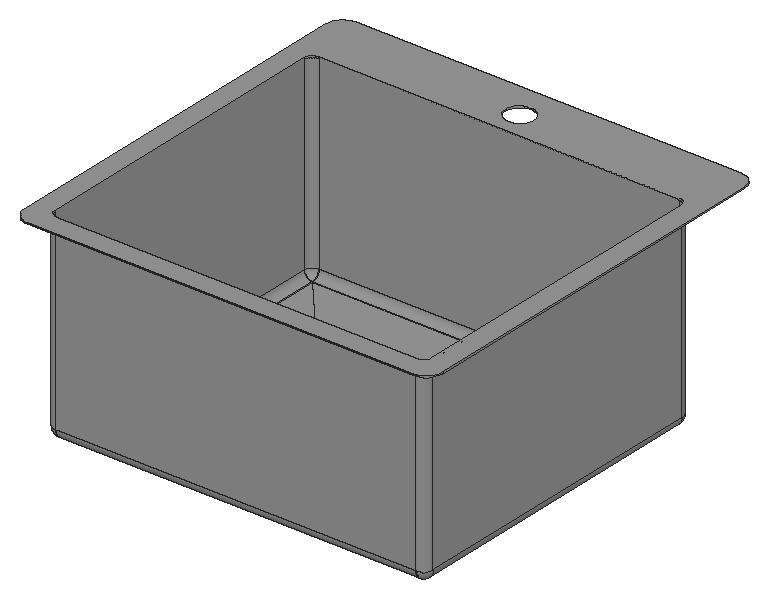
Revit family "BUILDMAT-TLAN003-Leo-510-Tap-Landing-Stainless-Steel", category Plumbing Fixtures, host Face, Revit 2020
Family settings
  Host = Face
  Round Connector Dimension = Use Diameter
  Part Type = Normal
  Cut with Voids When Loaded = No
  Shared = No
  Room Calculation Point = No
Parameters (values of type "Leo 510x500x250mm")
  Width = 460.0 mm
  Undermount [instance] = 0.0 mm
  URL = "https://www.buildmat.com.au/products/leo-510-single-bowl-tap-landing-sink"
  Model = "TLAN003"  # constant formula
  Manufacturer URL = "https://www.buildmat.com.au/"
  Manufacturer = "BUILDMAT"  # constant formula
  Length = 400.0 mm
  Description = "BUILDMAT - Leo 510x500 Single Bowl with Tap Landing Sink"  # constant formula
  Depth = 250.0 mm
  Default Elevation = 1219.2 mm
  Created By URL = "https://www.buildmat.com.au/"
  Created By = "BUILDMAT"  # constant formula
  Created = "22.06.2022"  # constant formula
  Material = BUILDMAT Stainless Steel
Reference planes
  plane 1 "Center (Front/Back)": y = 0
  plane 2: z = 0
  plane 3 "Center (Left/Right)": x = 0
  plane 4 "Top Substrate": z = 0
  plane 5 "Left": x = -230
  plane 6 "Right": x = 230
  plane 7 "Back": y = 200
  plane 8 "Front": y = -200
  plane 9: x = -255
  plane 10: x = 255
  plane 11: y = -225
  plane 12: y = 275
  plane 13 "Bottom Void": z = -250
  plane 14: z = 1.5
  plane 15: x = -231.5
  plane 16: y = -201.5
  plane 17: x = 231.5
  plane 18: y = 201.5
  plane 19: z = -240
  plane 20: z = -230
  plane 21: x = -220
  plane 22: x = 220
  plane 23: y = -190
  plane 24: y = 190
  plane 25: z = -245
  plane 26: z = -241.5
  plane 27: z = -246.5
  plane 28: x = -100
  plane 29: x = 100
  plane 30 "Sound Pad": z = -130
  plane 31 "Front Bracket": y = -100
  plane 32 "Back Bracket": y = 100
  plane 33: x = -130
  plane 34: x = 130
  plane 35: x = -57
  plane 36: x = 57
  plane 37: x = -45
  plane 38: x = 45
  plane 39: y = 232
  plane 40: y = 251.5
  plane 41: x = -243.2
  plane 42: z = -15
  plane 43: x = 243.2
  plane 44: x = -241.7
  plane 45: x = 241.7
Forms (mm)
  Extrusion 1, void
    sketch origin (0, 0, 0) x (1, 0, 0) y (0, 1, 0)
      loop
        arc (-220, 200) -> (-227.071, 197.071) -> (-230, 190) r 10
        line (-230, 190) -> (-230, -190)
        arc (-230, -190) -> (-227.071, -197.071) -> (-220, -200) r 10
        line (-220, -200) -> (220, -200)
        arc (220, -200) -> (227.071, -197.071) -> (230, -190) r 10
        line (230, -190) -> (230, 190)
        arc (230, 190) -> (227.071, 197.071) -> (220, 200) r 10
        line (220, 200) -> (-220, 200)
    from 0 to 1.5
  Extrusion 2, void
    sketch origin (0, 0, 0) x (1, 0, 0) y (0, 1, 0)
      loop
        line (-231.5, 201.5) -> (-231.5, -201.5) -> (231.5, -201.5) -> (231.5, 201.5) -> (-231.5, 201.5)
    from 0 to -250
  Extrusion 3, void
    sketch origin (0, 0, 0) x (1, 0, 0) y (0, 1, 0)
      loop
        arc (-235, 275) -> (-249.142, 269.142) -> (-255, 255) r 20
        line (-255, 255) -> (-255, -205)
        arc (-255, -205) -> (-249.142, -219.142) -> (-235, -225) r 20
        line (-235, -225) -> (235, -225)
        arc (235, -225) -> (249.142, -219.142) -> (255, -205) r 20
        line (255, -205) -> (255, 255)
        arc (255, 255) -> (249.142, 269.142) -> (235, 275) r 20
        line (235, 275) -> (-235, 275)
    from 1.5 to 0
  Extrusion 4, solid, material "BUILDMAT Stainless Steel" <- "Material"
    sketch origin (0, 0, 0) x (-1, 0, 0) y (0, -1, 0)
      loop
        arc (235, -275) -> (249.142, -269.142) -> (255, -255) r 20
        line (255, -255) -> (255, 205)
        arc (255, 205) -> (249.142, 219.142) -> (235, 225) r 20
        line (235, 225) -> (-235, 225)
        arc (-235, 225) -> (-249.142, 219.142) -> (-255, 205) r 20
        line (-255, 205) -> (-255, -255)
        arc (-255, -255) -> (-249.142, -269.142) -> (-235, -275) r 20
        line (-235, -275) -> (235, -275)
      loop
        arc (220, -200) -> (227.071, -197.071) -> (230, -190) r 10
        line (230, -190) -> (230, 190)
        arc (230, 190) -> (227.071, 197.071) -> (220, 200) r 10
        line (220, 200) -> (-220, 200)
        arc (-220, 200) -> (-227.071, 197.071) -> (-230, 190) r 10
        line (-230, 190) -> (-230, -190)
        arc (-230, -190) -> (-227.071, -197.071) -> (-220, -200) r 10
        line (-220, -200) -> (220, -200)
    from 0 to 1.5
  Extrusion 5, solid, material "BUILDMAT Stainless Steel" <- "Material"
    sketch origin (0, 0, 0) x (-1, 0, 0) y (0, -1, 0)
      loop
        arc (220, -201.5) -> (228.132, -198.132) -> (231.5, -190) r 11.5
        line (231.5, -190) -> (231.5, 190)
        arc (231.5, 190) -> (228.132, 198.132) -> (220, 201.5) r 11.5
        line (220, 201.5) -> (-220, 201.5)
        arc (-220, 201.5) -> (-228.132, 198.132) -> (-231.5, 190) r 11.5
        line (-231.5, 190) -> (-231.5, -190)
        arc (-231.5, -190) -> (-228.132, -198.132) -> (-220, -201.5) r 11.5
        line (-220, -201.5) -> (220, -201.5)
      loop
        arc (-220, 200) -> (-227.071, 197.071) -> (-230, 190) r 10
        line (-230, 190) -> (-230, -190)
        arc (-230, -190) -> (-227.071, -197.071) -> (-220, -200) r 10
        line (-220, -200) -> (220, -200)
        arc (220, -200) -> (227.071, -197.071) -> (230, -190) r 10
        line (230, -190) -> (230, 190)
        arc (230, 190) -> (227.071, 197.071) -> (220, 200) r 10
        line (220, 200) -> (-220, 200)
    from 0 to -230
  Revolve 6, solid, material "BUILDMAT Stainless Steel" <- "Material"
    sketch origin (-175.162, 190, 1219.2) x (-1, 0, 0) y (0, 0, 1)
      loop
        line (-405.162, -1449.2) -> (-406.662, -1449.2)
        arc (-406.662, -1449.2) -> (-403.293, -1457.332) -> (-395.162, -1460.7) r 11.5
        line (-395.162, -1460.7) -> (-395.162, -1459.2)
        arc (-395.162, -1459.2) -> (-402.233, -1456.271) -> (-405.162, -1449.2) r 10
      axis (-395.162, -1460.7) -> (-395.162, -1449.2)
    angle from 0 to -90
  Revolve 7, solid, material "BUILDMAT Stainless Steel" <- "Material"
    sketch origin (-175.162, 190, 1219.2) x (-1, 0, 0) y (0, 0, 1)
      loop
        arc (54.838, -1449.2) -> (51.909, -1456.271) -> (44.838, -1459.2) r 10
        line (44.838, -1459.2) -> (44.838, -1460.7)
        arc (44.838, -1460.7) -> (52.97, -1457.332) -> (56.338, -1449.2) r 11.5
        line (56.338, -1449.2) -> (54.838, -1449.2)
      axis (44.838, -1449.2) -> (44.838, -1460.7)
    angle from 0 to -90
  Revolve 8, solid, material "BUILDMAT Stainless Steel" <- "Material"
    sketch origin (-175.162, -190, 1219.2) x (-1, 0, 0) y (0, 0, 1)
      loop
        arc (54.838, -1449.2) -> (51.909, -1456.271) -> (44.838, -1459.2) r 10
        line (44.838, -1459.2) -> (44.838, -1460.7)
        arc (44.838, -1460.7) -> (52.97, -1457.332) -> (56.338, -1449.2) r 11.5
        line (56.338, -1449.2) -> (54.838, -1449.2)
      axis (44.838, -1449.2) -> (44.838, -1460.7)
    angle from 0 to 90
  Revolve 9, solid, material "BUILDMAT Stainless Steel" <- "Material"
    sketch origin (-175.162, -190, 1219.2) x (-1, 0, 0) y (0, 0, 1)
      loop
        line (-405.162, -1449.2) -> (-406.662, -1449.2)
        arc (-406.662, -1449.2) -> (-403.293, -1457.332) -> (-395.162, -1460.7) r 11.5
        line (-395.162, -1460.7) -> (-395.162, -1459.2)
        arc (-395.162, -1459.2) -> (-402.233, -1456.271) -> (-405.162, -1449.2) r 10
      axis (-395.162, -1449.2) -> (-395.162, -1460.7)
    angle from 0 to 90
  Extrusion 10, solid, material "BUILDMAT Stainless Steel" <- "Material"
    sketch origin (0, 0, 0) x (1, 0, 0) y (0, 0, 1)
      loop
        line (-230, -230) -> (-231.5, -230)
        arc (-231.5, -230) -> (-228.132, -238.132) -> (-220, -241.5) r 11.5
        line (-220, -241.5) -> (-220, -240)
        arc (-220, -240) -> (-227.071, -237.071) -> (-230, -230) r 10
    from -190 to 190
  Extrusion 11, solid, material "BUILDMAT Stainless Steel" <- "Material"
    sketch origin (0, 0, 0) x (1, 0, 0) y (0, 0, 1)
      loop
        arc (230, -230) -> (227.071, -237.071) -> (220, -240) r 10
        line (220, -240) -> (220, -241.5)
        arc (220, -241.5) -> (228.132, -238.132) -> (231.5, -230) r 11.5
        line (231.5, -230) -> (230, -230)
    from -190 to 190
  Extrusion 12, solid, material "BUILDMAT Stainless Steel" <- "Material"
    sketch origin (0, 0, 0) x (0, 1, 0) y (0, 0, 1)
      loop
        arc (200, -230) -> (197.071, -237.071) -> (190, -240) r 10
        line (190, -240) -> (190, -241.5)
        arc (190, -241.5) -> (198.132, -238.132) -> (201.5, -230) r 11.5
        line (201.5, -230) -> (200, -230)
    from -220 to 220
  Extrusion 13, solid, material "BUILDMAT Stainless Steel" <- "Material"
    sketch origin (0, 0, 0) x (0, 1, 0) y (0, 0, 1)
      loop
        line (-200, -230) -> (-201.5, -230)
        arc (-201.5, -230) -> (-198.132, -238.132) -> (-190, -241.5) r 11.5
        line (-190, -241.5) -> (-190, -240)
        arc (-190, -240) -> (-197.071, -237.071) -> (-200, -230) r 10
    from -220 to 220
  Revolve 14, solid, material "BUILDMAT Stainless Steel" <- "Material"
    sketch origin (0, 0, 0) x (1, 0, 0) y (0, 0, 1)
      loop
        line (-45, -250) -> (-45, -248.5)
        spline (-45, -248.5) -> (-46.484, -248.459) -> (-47.939, -248.339) -> (-49.337, -248.141) -> (-50.649, -247.871) -> (-51.848, -247.537) -> (-52.908, -247.151) -> (-53.805, -246.726) -> (-54.514, -246.283) -> (-55.023, -245.856) -> (-55.329, -245.483) -> (-55.468, -245.202) -> (-55.5, -245)
        line (-55.5, -245) -> (-57, -245)
        spline (-57, -245) -> (-56.897, -245.653) -> (-56.591, -246.294) -> (-56.087, -246.913) -> (-55.392, -247.5) -> (-54.52, -248.044) -> (-53.485, -248.536) -> (-52.305, -248.967) -> (-51, -249.33) -> (-49.592, -249.619) -> (-48.106, -249.83) -> (-46.566, -249.957) -> (-45, -250)
      axis (0, -245) -> (0, -250)
    angle from 0 to 360
  Blend 15, solid, material "BUILDMAT Stainless Steel" <- "Material"
    base sketch origin (0, 0, 0) x (-1, 0, 0) y (0, -1, 0)
      loop
        circle (0, 0) r 57
    top sketch origin (0, 0, 0) x (-1, 0, 0) y (0, -1, 0)
      loop
        line (220, -190) -> (220, 190) -> (-220, 190) -> (-220, -190) -> (220, -190)
    from -246.5 to -241.5
  Blend 16, void
    base sketch origin (0, 0, 0) x (-1, 0, 0) y (0, -1, 0)
      loop
        circle (0, 0) r 57
    top sketch origin (0, 0, 0) x (-1, 0, 0) y (0, -1, 0)
      loop
        line (220, -190) -> (220, 190) -> (-220, 190) -> (-220, -190) -> (220, -190)
    from -245 to -240
  Extrusion 17, solid, material "BUILDMAT Stainless Steel" <- "Material"
    sketch origin (0, 0, 0) x (-1, 0, 0) y (0, -1, 0)
      loop
        line (220, -190) -> (220, 190) -> (-220, 190) -> (-220, -190) -> (220, -190)
    from -241.5 to -240
  Extrusion 18, void
    sketch origin (0, 0, 0) x (-1, 0, 0) y (0, -1, 0)
      loop
        circle (0, 0) r 57
    from -250 to -230
  Extrusion 19, void
    sketch origin (0, 0, 0) x (-1, 0, 0) y (0, -1, 0)
      loop
        circle (0, -232) r 17.5
    from 0 to 100
Cuts and joins
  Extrusion 19 cuts Extrusion 4
  Extrusion 19 cuts Extrusion 5
  joined: Extrusion 4, Extrusion 5
  joined: Revolve 6, Revolve 9
  joined: Revolve 7, Revolve 8
  Blend 16, Extrusion 18 cuts Blend 15
  Blend 16, Extrusion 18 cuts Extrusion 17
  joined: Blend 15, Extrusion 17
Lines and regions (mm)
  Masking region 1
    outline origin (0, 0, 0) x (1, 0, 0) y (0, 0, 1)
      loop
        line (230, 0) -> (-230, 0) -> (-230, -230)
        arc (-230, -230) -> (-227.071, -237.071) -> (-220, -240) r 10
        line (-220, -240) -> (-57, -245) -> (57, -245) -> (220, -240)
        arc (220, -240) -> (227.071, -237.071) -> (230, -230) r 10
        line (230, -230) -> (230, 0)
  Masking region 2
    outline origin (0, 0, 0) x (1, 0, 0) y (0, 0, 1)
      loop
        line (-100, -245.181) -> (-100, -250) -> (-57, -250) -> (-57, -246.5) -> (-100, -245.181)
  Masking region 3
    outline origin (0, 0, 0) x (1, 0, 0) y (0, 0, 1)
      loop
        line (57, -246.5) -> (57, -250) -> (100, -250) -> (100, -245.181) -> (57, -246.5)
  Masking region 4
    outline origin (0, 0, 0) x (1, 0, 0) y (0, 0, 1)
      loop
        line (-243.2, 0) -> (-243.2, -15) -> (-241.7, -15) -> (-241.7, 0) -> (-243.2, 0)
  Masking region 5
    outline origin (0, 0, 0) x (1, 0, 0) y (0, 0, 1)
      loop
        line (241.7, 0) -> (241.7, -15) -> (243.2, -15) -> (243.2, 0) -> (241.7, 0)
Text (mm)
  text "Refer to www.buildmat.com.au for the most current product literature. \nAllow a +/- 5mm tolerance for dimensions shown in the product literature. \nPlease note product details are subject to change due to ongoing product development." at (0.056, -1035.857, 0), in view "Ref. Level"
Dimensions and locks
  "Undermount": plane 2 to plane 4 "Top Substrate"
  equal spacing: plane 5 "Left", plane 3 "Center (Left/Right)", plane 6 "Right"
  "Width": plane 5 "Left" to plane 6 "Right"
  "Length": plane 7 "Back" to plane 8 "Front"
  equal spacing: plane 7 "Back", plane 1 "Center (Front/Back)", plane 8 "Front"
  locked: plane 12 to plane 7 "Back" at 75
  locked: plane 8 "Front" to plane 11 at 25
  locked: plane 9 to plane 5 "Left" at 25
  locked: plane 6 "Right" to plane 10 at 25
  "Depth": plane 4 "Top Substrate" to plane 13 "Bottom Void"
  locked: plane 14 to plane 4 "Top Substrate" at 1.5
  locked: plane 18 to plane 7 "Back" at 1.5
  locked: plane 8 "Front" to plane 16 at 1.5
  plane 15 to plane 5 "Left" = 1.5 mm
  plane 6 "Right" to plane 17 = 1.5 mm
  plane 20 to plane 19 to plane 13 "Bottom Void" = 10.0 mm, 10.0 mm
  locked: plane 5 "Left" to plane 21 at 10
  locked: plane 22 to plane 6 "Right" at 10
  locked: plane 7 "Back" to plane 24 at 10
  locked: plane 23 to plane 8 "Front" at 10
  locked: plane 19 to plane 26 at 1.5
  locked: plane 25 to plane 13 "Bottom Void" at 5
  locked: plane 25 to plane 27 at 1.5
  plane 29 to plane 3 "Center (Left/Right)" to plane 28 = 100.0 mm locked, 100.0 mm locked
  locked: plane 30 "Sound Pad" to plane 13 "Bottom Void" at 120
  locked: plane 7 "Back" to plane 32 "Back Bracket" at 100
  locked: plane 31 "Front Bracket" to plane 8 "Front" at 100
  locked: plane 33 to plane 5 "Left" at 100
  locked: plane 6 "Right" to plane 34 at 100
  plane 37 to plane 3 "Center (Left/Right)" to plane 38 = 45.0 mm locked, 45.0 mm locked
  plane 35 to plane 3 "Center (Left/Right)" to plane 36 = 57.0 mm locked, 57.0 mm locked
  locked: plane 12 to plane 39 at 43
  locked: plane 40 to plane 18 at 50
  plane 44 to plane 41 to plane 9 = 1.5 mm locked, 11.8 mm locked
  plane 10 to plane 43 to plane 45 = 11.8 mm locked, 1.5 mm locked
  locked: plane 4 "Top Substrate" to plane 42 at 15
  aligned and locked: plane 2 to host face
  aligned and locked: level to host face
  aligned and locked: plane 8 "Front" to Extrusion 1 sketch curve
  aligned and locked: Extrusion 1 sketch curve to plane 7 "Back"
  aligned and locked: plane 5 "Left" to Extrusion 1 sketch curve
  aligned and locked: Extrusion 1 sketch curve to plane 6 "Right"
  aligned and locked: plane 2 to Extrusion 1
  aligned and locked: plane 14 to Extrusion 1
  aligned and locked: Extrusion 2 sketch curve to plane 16
  aligned and locked: Extrusion 2 sketch curve to plane 18
  aligned and locked: plane 15 to Extrusion 2 sketch curve
  aligned and locked: plane 17 to Extrusion 2 sketch curve
  aligned and locked: Extrusion 2 to plane 13 "Bottom Void"
  aligned and locked: plane 4 "Top Substrate" to Extrusion 2
  aligned and locked: plane 11 to Extrusion 3 sketch curve
  aligned and locked: plane 9 to Extrusion 3 sketch curve
  aligned and locked: Extrusion 3 sketch curve to plane 10
  aligned and locked: Extrusion 3 sketch curve to plane 12
  aligned and locked: Extrusion 3 to plane 4 "Top Substrate"
  aligned and locked: Extrusion 3 to plane 14
  aligned and locked: plane 11 to Extrusion 4 sketch curve
  aligned and locked: Extrusion 4 sketch curve to plane 12
  aligned and locked: plane 9 to Extrusion 4 sketch curve
  aligned and locked: Extrusion 4 sketch curve to plane 10
  aligned and locked: plane 5 "Left" to Extrusion 4 sketch curve
  aligned and locked: Extrusion 4 sketch curve to plane 6 "Right"
  aligned and locked: Extrusion 4 sketch curve to plane 7 "Back"
  aligned and locked: plane 8 "Front" to Extrusion 4 sketch curve
  aligned and locked: Extrusion 5 sketch curve to plane 7 "Back"
  aligned and locked: plane 5 "Left" to Extrusion 5 sketch curve
  aligned and locked: Extrusion 5 sketch curve to plane 6 "Right"
  aligned and locked: plane 8 "Front" to Extrusion 5 sketch curve
  aligned and locked: plane 15 to Extrusion 5 sketch curve
  aligned and locked: Extrusion 5 sketch curve to plane 16
  aligned and locked: plane 17 to Extrusion 5 sketch curve
  aligned and locked: Extrusion 5 sketch curve to plane 18
  aligned and locked: Extrusion 5 to plane 20
  aligned and locked: plane 4 "Top Substrate" to Extrusion 5
  aligned and locked: Extrusion 11 to plane 23
  aligned and locked: plane 24 to Extrusion 11
  aligned and locked: plane 24 to Extrusion 10
  aligned and locked: Extrusion 10 to plane 23
  aligned and locked: Extrusion 13 to plane 21
  aligned and locked: plane 22 to Extrusion 13
  aligned and locked: plane 22 to Extrusion 12
  aligned and locked: Extrusion 12 to plane 21
  aligned and locked: plane 21 to Blend 15 sketch curve
  aligned and locked: Blend 15 sketch curve to plane 22
  aligned and locked: Blend 15 sketch curve to plane 23
  aligned and locked: Blend 15 sketch curve to plane 24
  aligned and locked: plane 27 to Blend 15
  aligned and locked: Blend 15 to plane 26
  aligned and locked: Blend 16 sketch curve to plane 24
  aligned and locked: plane 21 to Blend 16 sketch curve
  aligned and locked: Blend 16 sketch curve to plane 22
  aligned and locked: Blend 16 sketch curve to plane 23
  aligned and locked: Blend 16 to plane 25
  aligned and locked: Blend 16 to plane 19
  aligned and locked: Extrusion 17 sketch curve to plane 24
  aligned and locked: Extrusion 17 sketch curve to plane 23
  aligned and locked: plane 21 to Extrusion 17 sketch curve
  aligned and locked: Extrusion 17 sketch curve to plane 22
  aligned and locked: Extrusion 17 to plane 26
  aligned and locked: Extrusion 17 to plane 19
  aligned and locked: Extrusion 18 to plane 13 "Bottom Void"
  aligned and locked: plane 20 to Extrusion 18
  aligned and locked: cut or joined group of Blend 15, Blend 16, Extrusion 17, Extrusion 18 to Masking region 2 sketch curve
  aligned and locked: Masking region 3 sketch curve to cut or joined group of Blend 15, Blend 16, Extrusion 17, Extrusion 18
  aligned and locked: plane 3 "Center (Left/Right)" to nested 1
  aligned and locked: nested 1 to plane 30 "Sound Pad"
  aligned and locked: plane 31 "Front Bracket" to nested 3
  aligned and locked: plane 15 to nested 3
  aligned and locked: plane 31 "Front Bracket" to nested 5
  aligned and locked: plane 17 to nested 5
  aligned and locked: plane 32 "Back Bracket" to nested 4
  aligned and locked: plane 17 to nested 4
  aligned and locked: plane 32 "Back Bracket" to nested 2
  aligned and locked: plane 15 to nested 2
  aligned and locked: nested 6 to plane 4 "Top Substrate"
  aligned and locked: nested 6 to plane 33
  aligned and locked: nested 7 to plane 4 "Top Substrate"
  aligned and locked: nested 7 to plane 34
  aligned and locked: nested 10 to plane 33
  aligned and locked: nested 11 to plane 34
  aligned and locked: plane 16 to nested 10
  aligned and locked: nested 11 to plane 16
  aligned and locked: plane 33 to nested 8
  aligned and locked: plane 34 to nested 9
  aligned and locked: nested 12 to plane 23
  aligned and locked: nested 12 to plane 24
  aligned and locked: plane 22 to nested 12
  aligned and locked: plane 21 to nested 12
  aligned and locked: plane 3 "Center (Left/Right)" to nested 13
  aligned and locked: plane 1 "Center (Front/Back)" to nested 13
  aligned and locked: plane 4 "Top Substrate" to Masking region 1
  aligned and locked: nested 9 to plane 40
  aligned and locked: nested 8 to plane 40
  aligned and locked: Extrusion 19 to plane 4 "Top Substrate"
  aligned and locked: Masking region 4 sketch curve to plane 4 "Top Substrate"
  aligned and locked: Masking region 4 sketch curve to plane 42
  aligned and locked: Masking region 4 sketch curve to plane 41
  aligned and locked: Masking region 4 sketch curve to plane 44
  aligned and locked: Masking region 5 sketch curve to plane 4 "Top Substrate"
  aligned and locked: Masking region 5 sketch curve to plane 42
  aligned and locked: Masking region 5 sketch curve to plane 43
  aligned and locked: Masking region 5 sketch curve to plane 45
Automatic sketch dimensions
  host sketch curve to host sketch curve = 2438.4 mm  (x2)
  plane 5 "Left" to Extrusion 1 sketch curve = 10.0 mm  (x2)
  Extrusion 1 sketch curve to plane 6 "Right" = 10.0 mm  (x2)
  Extrusion 4 sketch curve to plane 10 = 20.0 mm  (x2)
  Extrusion 4 sketch curve to Extrusion 4 sketch curve = 10.0 mm  (x2)
  plane 5 "Left" to Extrusion 4 sketch curve = 10.0 mm
  plane 9 to Extrusion 4 sketch curve = 20.0 mm
  plane 8 "Front" to Extrusion 4 sketch curve = 10.0 mm
  plane 11 to Extrusion 4 sketch curve = 20.0 mm
  Extrusion 3 sketch curve to plane 5 "Left" = 5.0 mm
  plane 6 "Right" to Extrusion 3 sketch curve = 5.0 mm  (x2)
  plane 7 "Back" to Extrusion 3 sketch curve = 55.0 mm
  plane 5 "Left" to Extrusion 5 sketch curve = 10.0 mm
  Extrusion 5 sketch curve to plane 6 "Right" = 10.0 mm
  plane 8 "Front" to Extrusion 5 sketch curve = 10.0 mm
  Extrusion 5 sketch curve to plane 7 "Back" = 10.0 mm
  Extrusion 5 sketch curve to Extrusion 5 sketch curve = 0.0 mm  (x4)
  Revolve 6 sketch curve to Revolve 6 sketch curve = 0.0 mm  (x3)
  plane 17 to Revolve 6 sketch curve = 0.0 mm
  Revolve 6 sketch curve to plane 6 "Right" = 0.0 mm
  Revolve 6 sketch curve to plane 22 = 0.0 mm  (x2)
  Revolve 6 sketch curve to plane 19 = 0.0 mm
  Revolve 6 sketch curve to plane 20 = 0.0 mm
  Revolve 7 sketch curve to Revolve 7 sketch curve = 0.0 mm  (x3)
  Revolve 7 sketch curve to plane 20 = 0.0 mm  (x2)
  Revolve 7 sketch curve to plane 21 = 0.0 mm  (x2)
  Revolve 7 sketch curve to plane 5 "Left" = 0.0 mm
  Revolve 7 sketch curve to plane 15 = 0.0 mm
  Revolve 8 sketch curve to Revolve 8 sketch curve = 0.0 mm  (x3)
  Revolve 8 sketch curve to plane 20 = 0.0 mm  (x2)
  Revolve 8 sketch curve to plane 21 = 0.0 mm  (x2)
  Revolve 8 sketch curve to plane 5 "Left" = 0.0 mm
  Revolve 8 sketch curve to plane 15 = 0.0 mm
  Revolve 9 sketch curve to Revolve 9 sketch curve = 0.0 mm  (x3)
  plane 17 to Revolve 9 sketch curve = 0.0 mm
  Revolve 9 sketch curve to plane 6 "Right" = 0.0 mm
  Revolve 9 sketch curve to plane 22 = 0.0 mm  (x2)
  Revolve 9 sketch curve to plane 20 = 0.0 mm
  Revolve 9 sketch curve to plane 19 = 0.0 mm
  Extrusion 10 sketch curve to plane 15 = 0.0 mm
  Extrusion 10 sketch curve to plane 5 "Left" = 0.0 mm
  Extrusion 10 sketch curve to plane 19 = 0.0 mm
  Extrusion 10 sketch curve to plane 21 = 0.0 mm
  Extrusion 11 sketch curve to plane 20 = 0.0 mm
  Extrusion 11 sketch curve to plane 22 = 0.0 mm
  Extrusion 11 sketch curve to plane 6 "Right" = 0.0 mm
  plane 17 to Extrusion 11 sketch curve = 0.0 mm
  Extrusion 12 sketch curve to plane 20 = 0.0 mm
  Extrusion 12 sketch curve to plane 24 = 0.0 mm
  Extrusion 12 sketch curve to plane 7 "Back" = 0.0 mm
  Extrusion 12 sketch curve to plane 18 = 0.0 mm
  Extrusion 13 sketch curve to plane 16 = 0.0 mm
  Extrusion 13 sketch curve to plane 8 "Front" = 0.0 mm
  Extrusion 13 sketch curve to plane 23 = 0.0 mm
  Extrusion 13 sketch curve to plane 19 = 0.0 mm
  Revolve 14 sketch curve to plane 25 = 0.0 mm
  Revolve 14 sketch curve to plane 13 "Bottom Void" = 0.0 mm  (x2)
  Revolve 14 sketch curve to plane 3 "Center (Left/Right)" = 0.0 mm
  Revolve 14 sketch curve to plane 20 = 0.0 mm
  Revolve 14 sketch curve to plane 3 "Center (Left/Right)" = 45.0 mm
  Revolve 14 sketch curve to Revolve 14 sketch curve = 10.5 mm
  Revolve 14 sketch curve to Revolve 14 sketch curve = 1.5 mm  (x2)
  Revolve 14 sketch curve to Revolve 14 sketch curve = 0.0 mm
  plane 1 "Center (Front/Back)" to Blend 15 sketch curve = 0.0 mm
  Blend 15 sketch curve to plane 3 "Center (Left/Right)" = 0.0 mm
  plane 1 "Center (Front/Back)" to Blend 16 sketch curve = 0.0 mm
  Blend 16 sketch curve to plane 3 "Center (Left/Right)" = 0.0 mm
  plane 1 "Center (Front/Back)" to Extrusion 18 sketch curve = 0.0 mm
  Extrusion 18 sketch curve to plane 3 "Center (Left/Right)" = 0.0 mm
  Masking region 1 sketch curve to level = 0.0 mm
  Masking region 1 sketch curve to plane 20 = 0.0 mm
  Masking region 1 sketch curve to plane 21 = 0.0 mm
  Masking region 1 sketch curve to plane 25 = 0.0 mm
  Masking region 1 sketch curve to plane 3 "Center (Left/Right)" = 57.0 mm
  plane 3 "Center (Left/Right)" to Masking region 1 sketch curve = 57.0 mm
  Masking region 1 sketch curve to plane 19 = 0.0 mm
  Masking region 1 sketch curve to plane 22 = 0.0 mm
  Masking region 1 sketch curve to plane 6 "Right" = 0.0 mm
  Masking region 1 sketch curve to plane 5 "Left" = 0.0 mm
  Masking region 2 sketch curve to plane 28 = 0.0 mm
  Masking region 2 sketch curve to plane 13 "Bottom Void" = 0.0 mm
  Masking region 2 sketch curve to plane 27 = 0.0 mm
  Masking region 3 sketch curve to plane 27 = 0.0 mm
  Masking region 3 sketch curve to plane 13 "Bottom Void" = 0.0 mm
  Masking region 3 sketch curve to plane 29 = 0.0 mm
  Extrusion 19 sketch curve to plane 3 "Center (Left/Right)" = 0.0 mm
  Extrusion 19 sketch curve to plane 39 = 0.0 mm
  radius of Blend 15 sketch curve = 57.0 mm
  radius of Blend 16 sketch curve = 57.0 mm
  radius of Extrusion 18 sketch curve = 57.0 mm
  radius of Extrusion 19 sketch curve = 17.5 mm
Nested families
  nested 1: "SP_Front" at (0, 0, -130) x (1, 0, 0) z (0, -1, 0), type "SP_Front", not visible
  nested 2: "TMB_Plan" at (-231.5, 100, 0) x (0, 1, 0) z (0, 0, 1), type "TMB_Plan"
  nested 3: "TMB_Plan" at (-231.5, -100, 0) x (0, 1, 0) z (0, 0, 1), type "TMB_Plan"
  nested 4: "TMB_Plan" at (231.5, 100, 0) x (0, -1, 0) z (0, 0, 1), type "TMB_Plan"
  nested 5: "TMB_Plan" at (231.5, -100, 0) x (0, -1, 0) z (0, 0, 1), type "TMB_Plan"
  nested 6: "TMB_Front" at (-130, 0, 0) x (1, 0, 0) z (0, -1, 0), type "TMB_Front"
  nested 7: "TMB_Front" at (130, 0, 0) x (1, 0, 0) z (0, -1, 0), type "TMB_Front"
  nested 8: "TMB_Plan" at (-130, 251.5, 0), type "TMB_Plan"
  nested 9: "TMB_Plan" at (130, 251.5, 0), type "TMB_Plan"
  nested 10: "TMB_Plan" at (-130, -201.5, 0) x (-1, 0, 0) z (0, 0, 1), type "TMB_Plan"
  nested 11: "TMB_Plan" at (130, -201.5, 0) x (-1, 0, 0) z (0, 0, 1), type "TMB_Plan"
  nested 12: "BOWL Plan" at (0, 0, -130), type "BOWL Plan"
    with Width 440.0 mm, Lenght 380.0 mm
  nested 13: "DRAIN" at (0, 0, 0), type "DRAIN"
Definition of nested family "SP_Front"
  Reference planes
    plane 1 "Center (Elevation)": y = 0
    plane 2: z = 0
    plane 3 "Center (Left/Right)": x = 0
  Lines and regions (mm)
    Masking region 1, in view "Ref. Level"
      outline origin (0, 0, 0) x (1, 0, 0) y (0, 1, 0)
        loop
          arc (-50, 40) -> (-57.071, 37.071) -> (-60, 30) r 10
          line (-60, 30) -> (-60, -30)
          arc (-60, -30) -> (-57.071, -37.071) -> (-50, -40) r 10
          line (-50, -40) -> (50, -40)
          arc (50, -40) -> (57.071, -37.071) -> (60, -30) r 10
          line (60, -30) -> (60, 30)
          arc (60, 30) -> (57.071, 37.071) -> (50, 40) r 10
          line (50, 40) -> (-50, 40)
    detail lines, in view "Ref. Level"
      curve 1: line (-50, 40, 0) -> (50, 40, 0)
      curve 2: line (50, -40, 0) -> (-50, -40, 0)
      curve 3: line (60, 30, 0) -> (60, -30, 0)
      curve 4: line (-60, 30, 0) -> (-60, -30, 0)
      curve 5: arc (-50, 40, 0) -> (-57.071, 37.071, 0) -> (-60, 30, 0) r 10
      curve 6: arc (-60, -30, 0) -> (-57.071, -37.071, 0) -> (-50, -40, 0) r 10
      curve 7: arc (50, -40, 0) -> (57.071, -37.071, 0) -> (60, -30, 0) r 10
      curve 8: arc (60, 30, 0) -> (57.071, 37.071, 0) -> (50, 40, 0) r 10
  Dimensions and locks
    aligned and locked: Masking region 1 sketch curve to curve 1
    aligned and locked: Masking region 1 sketch curve to curve 4
    aligned and locked: Masking region 1 sketch curve to curve 2
    aligned and locked: Masking region 1 sketch curve to curve 3
Definition of nested family "TMB_Plan"
  Reference planes
    plane 1 "Center (Front/Back)": y = 0
    plane 2: z = 0
    plane 3 "Center (Left/Right)": x = 0
  Lines and regions (mm)
    detail lines, in view "Ref. Level"
      curve 1: line (-17.5, 0, 0) -> (17.5, 0, 0)
      curve 2: line (17.5, 0, 0) -> (17.5, 5, 0)
      curve 3: line (17.5, 5, 0) -> (12.5, 5, 0)
      curve 4: line (-17.5, 0, 0) -> (-17.5, 5, 0)
      curve 5: line (-17.5, 5, 0) -> (-12.5, 5, 0)
Definition of nested family "TMB_Front"
  Reference planes
    plane 1 "Center (Elevation)": y = 0
    plane 2: z = 0
    plane 3 "Center (Left/Right)": x = 0
  Lines and regions (mm)
    Masking region 1, in view "Ref. Level"
      outline origin (0, 0, 0) x (1, 0, 0) y (0, 1, 0)
        loop
          line (-17.5, 0) -> (-17.5, -80) -> (17.5, -80) -> (17.5, 0) -> (-17.5, 0)
    detail lines, in view "Ref. Level"
      curve 1: line (-17.5, 0, 0) -> (-17.5, -80, 0)
      curve 2: line (-17.5, -80, 0) -> (17.5, -80, 0)
      curve 3: line (17.5, -80, 0) -> (17.5, 0, 0)
      curve 4: line (-12.5, -50, 0) -> (12.5, -50, 0)
      curve 5: line (-12.5, -75, 0) -> (-12.5, -50, 0)
      curve 6: line (12.5, -75, 0) -> (-12.5, -75, 0)
      curve 7: line (12.5, -50, 0) -> (12.5, -75, 0)
Definition of nested family "BOWL Plan"
  Parameters (values of type "BOWL Plan")
    Width [instance] = 600.0 mm
    Lenght [instance] = 400.0 mm
  Reference planes
    plane 1 "Center (Front/Back)": y = 0
    plane 2: z = 0
    plane 3 "Center (Left/Right)": x = 0
    plane 4 "Left": x = -300
    plane 5 "Right": x = 300
    plane 6 "Back": y = 200
    plane 7 "Front": y = -200
  Lines and regions (mm)
    Masking region 1, in view "Ref. Level"
      outline origin (0, 0, 0) x (1, 0, 0) y (0, 1, 0)
        loop
          line (-300, 200) -> (-300, -200) -> (300, -200) -> (300, 200) -> (-300, 200)
    detail lines, in view "Ref. Level"
      curve 1: line (-300, 200, 0) -> (300, -200, 0)
      curve 2: line (-300, -200, 0) -> (300, 200, 0)
  Dimensions and locks
    equal spacing: plane 6 "Back", plane 1 "Center (Front/Back)", plane 7 "Front"
    "Lenght": plane 6 "Back" to plane 7 "Front"
    equal spacing: plane 4 "Left", plane 3 "Center (Left/Right)", plane 5 "Right"
    "Width": plane 4 "Left" to plane 5 "Right"
    aligned and locked: plane 4 "Left" to Masking region 1 sketch curve
    aligned and locked: Masking region 1 sketch curve to plane 5 "Right"
    aligned and locked: plane 7 "Front" to Masking region 1 sketch curve
    aligned and locked: Masking region 1 sketch curve to plane 6 "Back"
  Automatic sketch dimensions
    curve 2 to plane 4 "Left" = 0.0 mm
    curve 1 to plane 4 "Left" = 0.0 mm
    curve 2 to plane 5 "Right" = 0.0 mm
    curve 1 to plane 5 "Right" = 0.0 mm
    curve 1 to plane 7 "Front" = 0.0 mm
    curve 2 to plane 7 "Front" = 0.0 mm
    curve 2 to plane 6 "Back" = 0.0 mm
    curve 1 to plane 6 "Back" = 0.0 mm
Definition of nested family "DRAIN"
  Reference planes
    plane 1 "Center (Front/Back)": y = 0
    plane 2: z = 0
    plane 3 "Center (Left/Right)": x = 0
  Lines and regions (mm)
    Masking region 1, in view "Ref. Level"
      outline origin (0, 0, 0) x (1, 0, 0) y (0, 1, 0)
        loop
          circle (0, 0) r 57
    detail lines, in view "Ref. Level"
      curve 1: circle (0, 0, 0) r 45 normal (0, 0, 1)
      curve 2: circle (0, 0, 0) r 55.5 normal (0, 0, 1)
